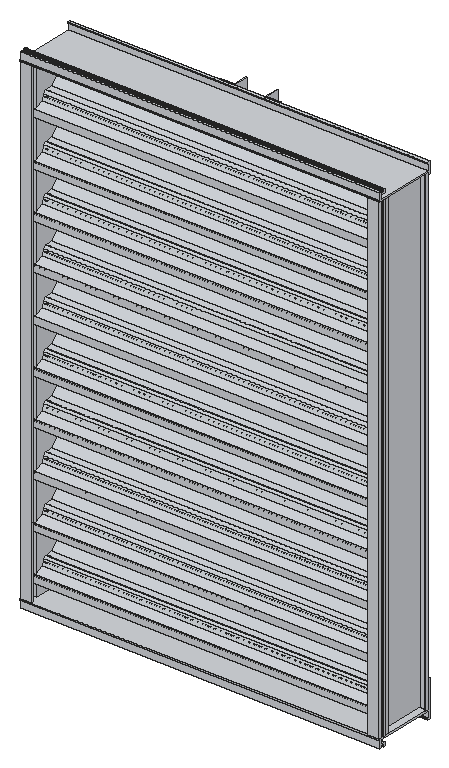
Revit family "AFL-D-6", category Mechanical Equipment, Revit 2015
Parameters
  URL = "https://unitedenertech.com/catalog/pdf/A_26%20AFL-D-6.pdf"
  Type Comments = "Max. Single Section Size is (60\"w  x  96\"h)"
  Number of Blades [instance] = rounddown((Exact Height - 0' 1 13/16") / 0' 4 41/64")  # 10
  Model = "AFL-D-6"
  Manufacturer = "United Enertech Corporation"
  Exact Width = 3' - 0"
  Exact Height = 4' - 2"
  Description = "High Performance Adjustable 6\" Louver"
  Depth = 0' - 6.26867"
  Bracket Number [instance] = Number of Blades - 1  # 9
  Blade Width [instance] = Exact Width - 0' 1 13/16" - 0' 0 3/16"  # 2' - 10"
  Blade Spacing = 0' - 4.64"
Reference planes (in)
  plane 1 "Center (Front/Back)": y = 0
  plane 2: z = 0
  plane 3 "Center (Left/Right)": x = 0
  plane 4: x = -18
  plane 5: x = 18
  plane 6: z = 50
  plane 7: z = 0.907
  plane 8: z = 49.093
  plane 9: y = 6.26867
  plane 10: x = -17.094
  plane 11: x = 17.094
  plane 12: x = -3
  plane 13: x = 3
  plane 14: z = 44.02088
  plane 15: z = 2.90726
  plane 16: z = 45.02088
Forms (in)
  Extrusion 1, solid
    sketch origin (32.73411, 22.44798, 0) x (1, 0, 0) y (0, 1, 0)
      loop
        line (-50.60911, -16.59898) -> (-50.60911, -16.49198) -> (-49.95311, -16.49198) -> (-49.95311, -21.36398) -> (-50.66611, -21.36398) -> (-50.66611, -21.82298) -> (-50.73411, -21.82298) -> (-50.73411, -21.94798) -> (-50.66611, -21.94798) -> (-50.66611, -22.00898) -> (-50.58511, -22.00898) -> (-50.58511, -21.94798) -> (-50.49711, -21.94798) -> (-50.49711, -22.32298) -> (-50.58511, -22.32298) -> (-50.58511, -22.23198) -> (-50.66611, -22.23198) -> (-50.66611, -22.44798) -> (-49.56511, -22.44798) -> (-49.56511, -22.32298) -> (-49.82811, -22.32298) -> (-49.82811, -22.21598) -> (-49.95311, -22.21598) -> (-49.95311, -22.32298) -> (-50.37211, -22.32298) -> (-50.37211, -21.82298) -> (-50.54111, -21.82298) -> (-50.54111, -21.48898) -> (-49.82811, -21.48898) -> (-49.82811, -16.49198) -> (-49.56511, -16.49198) -> (-49.56511, -16.36698) -> (-50.73411, -16.36698) -> (-50.73411, -16.59898) -> (-50.60911, -16.59898)
    from 0.907 to 49.093
  Extrusion 2, solid
    sketch origin (-32.73411, 22.44798, 0) x (-1, 0, 0) y (0, -1, 0)
      loop
        line (-50.60911, 16.59898) -> (-50.73411, 16.59898) -> (-50.73411, 16.36698) -> (-49.56511, 16.36698) -> (-49.56511, 16.49198) -> (-49.82811, 16.49198) -> (-49.82811, 21.48898) -> (-50.54111, 21.48898) -> (-50.54111, 21.82298) -> (-50.37211, 21.82298) -> (-50.37211, 22.32298) -> (-49.95311, 22.32298) -> (-49.95311, 22.21598) -> (-49.82811, 22.21598) -> (-49.82811, 22.32298) -> (-49.56511, 22.32298) -> (-49.56511, 22.44798) -> (-50.66611, 22.44798) -> (-50.66611, 22.23198) -> (-50.58511, 22.23198) -> (-50.58511, 22.32298) -> (-50.49711, 22.32298) -> (-50.49711, 21.94798) -> (-50.58511, 21.94798) -> (-50.58511, 22.00898) -> (-50.66611, 22.00898) -> (-50.66611, 21.94798) -> (-50.73411, 21.94798) -> (-50.73411, 21.82298) -> (-50.66611, 21.82298) -> (-50.66611, 21.36398) -> (-49.95311, 21.36398) -> (-49.95311, 16.49198) -> (-50.60911, 16.49198) -> (-50.60911, 16.59898)
    from 0.907 to 49.093
  Extrusion 3, solid
    sketch origin (-10.45021, 50.73378, 8.99276) x (0, 1, 0) y (0, 0, 1)
      loop
        line (-44.46511, -5.28576) -> (-44.59011, -5.28576) -> (-44.59011, -8.08576) -> (-50.73378, -8.08576) -> (-50.73378, -8.21076) -> (-50.67111, -8.21076) -> (-50.67111, -8.92376) -> (-50.45511, -8.92376) -> (-50.45511, -8.84276) -> (-50.56811, -8.84276) -> (-50.56811, -8.75476) -> (-50.17111, -8.75476) -> (-50.17111, -8.84276) -> (-50.23211, -8.84276) -> (-50.23211, -8.92376) -> (-50.17111, -8.92376) -> (-50.17111, -8.99276) -> (-50.09011, -8.99276) -> (-50.09011, -8.62976) -> (-50.56811, -8.62976) -> (-50.56811, -8.21076) -> (-44.59011, -8.21076) -> (-44.59011, -8.86776) -> (-44.69711, -8.86776) -> (-44.69711, -8.99276) -> (-44.46511, -8.99276) -> (-44.46511, -5.28576)
    from -7.54979 to 28.45021
  Extrusion 4, solid
    sketch origin (-12.41983, 50.73378, 47.84535) x (0, 1, 0) y (0, 0, 1)
      loop
        line (-50.17111, 2.15465) -> (-50.17111, 2.08565) -> (-50.23211, 2.08565) -> (-50.23211, 2.00465) -> (-50.17111, 2.00465) -> (-50.17111, 1.91665) -> (-50.56811, 1.91665) -> (-50.56811, 2.00465) -> (-50.45511, 2.00465) -> (-50.45511, 2.08565) -> (-50.67111, 2.08565) -> (-50.67111, 1.37265) -> (-50.73378, 1.37265) -> (-50.73378, 1.24765) -> (-44.59011, 1.24765) -> (-44.59011, 0.99765) -> (-44.46511, 0.99765) -> (-44.46511, 2.15465) -> (-44.69711, 2.15465) -> (-44.69711, 2.02965) -> (-44.59011, 2.02965) -> (-44.59011, 1.37265) -> (-50.56811, 1.37265) -> (-50.56811, 1.79165) -> (-50.09011, 1.79165) -> (-50.09011, 2.15465) -> (-50.17111, 2.15465)
    from -5.58017 to 30.41983
  Extrusion 5, solid
    sketch origin (0, 0, 0) x (1, 0, 0) y (0, 1, 0)
      loop
        line (-3, 6.26867) -> (-1.5, 6.26867) -> (-1.5, 7.76867) -> (-1.625, 7.76867) -> (-1.625, 6.39367) -> (-3, 6.39367) -> (-3, 6.26867)
    from 0 to 50
  Extrusion 6, solid
    sketch origin (0, 0, 0) x (-1, 0, 0) y (0, -1, 0)
      loop
        line (-3, -6.26867) -> (-3, -6.39367) -> (-1.625, -6.39367) -> (-1.625, -7.76867) -> (-1.5, -7.76867) -> (-1.5, -6.26867) -> (-3, -6.26867)
    from 0 to 50
  Extrusion 7, solid
    sketch origin (0, 0, 0) x (1, 0, 0) y (0, 1, 0)
      loop
        circle (0, 6.53213) r 0.17186
    from 2.90726 to 45.02088
Dimensions and locks (in)
  equal spacing: plane 4, plane 3 "Center (Left/Right)", plane 5
  "Exact Width": plane 4 to plane 5
  "Exact Height": plane 6 to level
  locked: plane 7 to level at 0.907
  locked: plane 6 to plane 8 at 0.907
  "Depth": plane 1 "Center (Front/Back)" to plane 9
  locked: plane 4 to plane 10 at 0.906
  locked: plane 11 to plane 5 at 0.906
  equal spacing: group 1, group 2, group 3, group 4, group 5, group 6, group 7, group 8, group 16, group 18  (x2)
  equal spacing: group 18, group 16, group 8, group 7, group 6, group 5, group 4, group 3, group 2, group 1
  "Blade Spacing": nested 2 to nested 1
  equal spacing: plane 12, plane 3 "Center (Left/Right)", plane 13
  locked: plane 12 to plane 13 at 6
  locked: plane 6 to plane 14 at 5.97912
  equal spacing: group 9, group 10, group 11, group 12, group 13, group 14, group 15, group 17, group 19  (x2)
  equal spacing: group 19, group 17, group 15, group 14, group 13, group 12, group 11, group 10, group 9
  "Blade Spacing": nested 9 to nested 10
  locked: plane 15 to level at 2.90726
  locked: plane 6 to plane 16 at 4.97912
  aligned and locked: level to plane 2
  aligned and locked: Extrusion 1 to plane 4
  aligned and locked: plane 5 to Extrusion 2
  aligned and locked: Extrusion 3 to level
  aligned and locked: level to Extrusion 3
  aligned and locked: Extrusion 1 to Extrusion 3
  aligned and locked: Extrusion 2 to Extrusion 1
  aligned and locked: Extrusion 3 to plane 4
  aligned and locked: plane 5 to Extrusion 3
  aligned and locked: plane 6 to Extrusion 4  (x2)
  aligned and locked: plane 8 to Extrusion 1
  aligned and locked: plane 8 to Extrusion 2
  aligned and locked: Extrusion 4 to plane 4
  aligned and locked: plane 5 to Extrusion 4
  aligned and locked: Extrusion 1 to Extrusion 4
  aligned and locked: Extrusion 2 to Extrusion 4
  aligned and locked: Extrusion 4 to Extrusion 1
  aligned and locked: plane 3 "Center (Left/Right)" to nested 1
  aligned and locked: plane 8 to nested 1
  aligned and locked: nested 1 to Extrusion 1
  aligned and locked: nested 2 to nested 1
  aligned and locked: Extrusion 5 to level
  aligned and locked: plane 6 to Extrusion 5
  aligned and locked: plane 6 to Extrusion 6
  aligned and locked: Extrusion 6 to level
  aligned and locked: nested 9 to plane 14
  aligned and locked: Extrusion 7 to plane 15
  aligned and locked: plane 16 to Extrusion 7
Automatic sketch dimensions
  Extrusion 1 sketch curve to plane 4 = 0' - 0"  (x2)
  plane 1 "Center (Front/Back)" to Extrusion 1 sketch curve = 0' - 0"
  Extrusion 1 sketch curve to plane 10 = 0' - 0"  (x2)
  plane 4 to Extrusion 1 sketch curve = 0' - 0.068"  (x2)
  Extrusion 1 sketch curve to Extrusion 1 sketch curve = 0' - 0.068"
  plane 4 to Extrusion 1 sketch curve = 0' - 0 1/8"
  Extrusion 1 sketch curve to Extrusion 1 sketch curve = 0' - 0.081"  (x2)
  Extrusion 1 sketch curve to Extrusion 1 sketch curve = 0' - 0 1/8"  (x6)
  Extrusion 1 sketch curve to Extrusion 1 sketch curve = 0' - 0.088"
  Extrusion 1 sketch curve to plane 10 = 0' - 0 1/8"  (x2)
  plane 10 to Extrusion 1 sketch curve = 0' - 0.263"
  Extrusion 1 sketch curve to Extrusion 1 sketch curve = 0' - 0.263"
  Extrusion 1 sketch curve to plane 1 "Center (Front/Back)" = 0' - 0 1/8"  (x3)
  Extrusion 1 sketch curve to Extrusion 1 sketch curve = 0' - 0.091"
  Extrusion 1 sketch curve to Extrusion 1 sketch curve = 0' - 0.107"
  Extrusion 1 sketch curve to Extrusion 1 sketch curve = 0' - 0.223"
  Extrusion 1 sketch curve to Extrusion 1 sketch curve = 0' - 0.061"  (x2)
  Extrusion 1 sketch curve to Extrusion 1 sketch curve = 0' - 0.334"
  Extrusion 1 sketch curve to plane 9 = 0' - 0.41967"
  Extrusion 1 sketch curve to plane 9 = 0' - 0.31267"
  Extrusion 1 sketch curve to Extrusion 1 sketch curve = 0' - 0"
  Extrusion 2 sketch curve to plane 5 = 0' - 0"  (x2)
  plane 1 "Center (Front/Back)" to Extrusion 2 sketch curve = 0' - 0"
  Extrusion 2 sketch curve to plane 11 = 0' - 0"  (x2)
  plane 5 to Extrusion 2 sketch curve = 0' - 0.068"  (x3)
  plane 5 to Extrusion 2 sketch curve = 0' - 0 1/8"
  Extrusion 2 sketch curve to Extrusion 2 sketch curve = 0' - 0.081"  (x2)
  Extrusion 2 sketch curve to Extrusion 2 sketch curve = 0' - 0 1/8"  (x7)
  Extrusion 2 sketch curve to Extrusion 2 sketch curve = 0' - 0.088"
  plane 11 to Extrusion 2 sketch curve = 0' - 0 1/8"
  Extrusion 2 sketch curve to plane 11 = 0' - 0.263"  (x2)
  plane 1 "Center (Front/Back)" to Extrusion 2 sketch curve = 0' - 0 1/8"  (x3)
  Extrusion 2 sketch curve to Extrusion 2 sketch curve = 0' - 0.091"
  Extrusion 2 sketch curve to Extrusion 2 sketch curve = 0' - 0.107"
  Extrusion 2 sketch curve to Extrusion 2 sketch curve = 0' - 0.223"
  Extrusion 2 sketch curve to Extrusion 2 sketch curve = 0' - 0.061"  (x2)
  Extrusion 2 sketch curve to Extrusion 2 sketch curve = 0' - 0.334"
  plane 9 to Extrusion 2 sketch curve = 0' - 0.41967"
  plane 9 to Extrusion 2 sketch curve = 0' - 0.31267"
  Extrusion 2 sketch curve to Extrusion 2 sketch curve = 0' - 0"
  Extrusion 3 sketch curve to plane 1 "Center (Front/Back)" = 0' - 0"
  Extrusion 3 sketch curve to level = 0' - 0"  (x2)
  plane 7 to Extrusion 3 sketch curve = 0' - 0"
  Extrusion 3 sketch curve to plane 9 = 0' - 0"
  Extrusion 3 sketch curve to plane 1 "Center (Front/Back)" = 0' - 0.06267"
  Extrusion 3 sketch curve to plane 1 "Center (Front/Back)" = 0' - 0.16567"
  Extrusion 3 sketch curve to Extrusion 3 sketch curve = 0' - 0.103"
  Extrusion 3 sketch curve to Extrusion 3 sketch curve = 0' - 0.113"
  level to Extrusion 3 sketch curve = 0' - 0.069"  (x2)
  Extrusion 3 sketch curve to Extrusion 3 sketch curve = 0' - 0.223"
  Extrusion 3 sketch curve to Extrusion 3 sketch curve = 0' - 0.061"  (x2)
  Extrusion 3 sketch curve to Extrusion 3 sketch curve = 0' - 0.081"  (x3)
  Extrusion 3 sketch curve to plane 9 = 0' - 0.232"
  Extrusion 3 sketch curve to plane 9 = 0' - 0 1/8"  (x2)
  Extrusion 3 sketch curve to Extrusion 3 sketch curve = 0' - 0 1/8"  (x2)
  Extrusion 3 sketch curve to Extrusion 3 sketch curve = 0' - 0.088"
  Extrusion 3 sketch curve to plane 7 = 0' - 0 1/8"
  Extrusion 3 sketch curve to Extrusion 3 sketch curve = 0' - 0"
  Extrusion 3 sketch curve to Extrusion 3 sketch curve = 0' - 2.8"
  Extrusion 4 sketch curve to plane 1 "Center (Front/Back)" = 0' - 0"
  Extrusion 4 sketch curve to plane 6 = 0' - 0"  (x2)
  plane 8 to Extrusion 4 sketch curve = 0' - 0"
  Extrusion 4 sketch curve to plane 9 = 0' - 0"
  Extrusion 4 sketch curve to Extrusion 4 sketch curve = 0' - 0.06267"
  Extrusion 4 sketch curve to Extrusion 4 sketch curve = 0' - 0.103"  (x2)
  Extrusion 4 sketch curve to Extrusion 4 sketch curve = 0' - 0.113"
  Extrusion 4 sketch curve to Extrusion 4 sketch curve = 0' - 0.223"
  Extrusion 4 sketch curve to Extrusion 4 sketch curve = 0' - 0.061"  (x2)
  Extrusion 4 sketch curve to Extrusion 4 sketch curve = 0' - 0.081"
  Extrusion 4 sketch curve to plane 9 = 0' - 0.232"
  Extrusion 4 sketch curve to plane 9 = 0' - 0 1/8"
  Extrusion 4 sketch curve to Extrusion 4 sketch curve = 0' - 0.107"
  Extrusion 4 sketch curve to plane 8 = 0' - 0 1/4"
  Extrusion 4 sketch curve to Extrusion 4 sketch curve = 0' - 0 1/8"  (x3)
  Extrusion 4 sketch curve to Extrusion 4 sketch curve = 0' - 0"
  Extrusion 4 sketch curve to Extrusion 4 sketch curve = 0' - 0.363"
  Extrusion 4 sketch curve to Extrusion 4 sketch curve = 0' - 0.088"  (x2)
  Extrusion 4 sketch curve to plane 6 = 0' - 0.069"  (x2)
  Extrusion 5 sketch curve to plane 9 = 0' - 0"
  Extrusion 5 sketch curve to plane 12 = 0' - 0"
  plane 12 to Extrusion 5 sketch curve = 0' - 1 3/8"
  Extrusion 5 sketch curve to Extrusion 5 sketch curve = 0' - 0 1/8"
  plane 9 to Extrusion 5 sketch curve = 0' - 0 1/8"
  Extrusion 5 sketch curve to Extrusion 5 sketch curve = 0' - 1 3/8"
  Extrusion 6 sketch curve to plane 9 = 0' - 0"
  Extrusion 6 sketch curve to plane 13 = 0' - 0"
  Extrusion 6 sketch curve to plane 13 = 0' - 1 3/8"
  Extrusion 6 sketch curve to Extrusion 6 sketch curve = 0' - 0 1/8"  (x2)
  Extrusion 6 sketch curve to Extrusion 6 sketch curve = 0' - 1 3/8"
  Extrusion 7 sketch curve to plane 3 "Center (Left/Right)" = 0' - 0"
  plane 9 to Extrusion 7 sketch curve = 0' - 0.26346"
  radius of Extrusion 7 sketch curve = 0' - 0 11/64"
Nested families (in)
  nested 1: "AFLBLADE" at (0, 6.72016, 44.16616), type "AFLBLADE"
    with BW 2' - 10"
  nested 2: "AFLBLADE" at (0, 6.72016, 39.52616), type "AFLBLADE"
    with BW 2' - 10"
  nested 3: "AFLBLADE" at (0, 6.72016, 34.88616), type "AFLBLADE"
    with BW 2' - 10"
  nested 4: "AFLBLADE" at (0, 6.72016, 30.24616), type "AFLBLADE"
    with BW 2' - 10"
  nested 5: "AFLBLADE" at (0, 6.72016, 25.60616), type "AFLBLADE"
    with BW 2' - 10"
  nested 6: "AFLBLADE" at (0, 6.72016, 20.96616), type "AFLBLADE"
    with BW 2' - 10"
  nested 7: "AFLBLADE" at (0, 6.72016, 16.32616), type "AFLBLADE"
    with BW 2' - 10"
  nested 8: "AFLBLADE" at (0, 6.72016, 11.68616), type "AFLBLADE"
    with BW 2' - 10"
  nested 9: "AFLBRACK" at (2.67149, 4.53155, 43.04448) x (1, 0, 0) z (0, 0.7193, -0.6947), type "AFLBRACK"
  nested 10: "AFLBRACK" at (2.67149, 4.53155, 38.40448) x (1, 0, 0) z (0, 0.7193, -0.6947), type "AFLBRACK"
  nested 11: "AFLBRACK" at (2.67149, 4.53155, 33.76448) x (1, 0, 0) z (0, 0.7193, -0.6947), type "AFLBRACK"
  nested 12: "AFLBRACK" at (2.67149, 4.53155, 29.12448) x (1, 0, 0) z (0, 0.7193, -0.6947), type "AFLBRACK"
  nested 13: "AFLBRACK" at (2.67149, 4.53155, 24.48448) x (1, 0, 0) z (0, 0.7193, -0.6947), type "AFLBRACK"
  nested 14: "AFLBRACK" at (2.67149, 4.53155, 19.84448) x (1, 0, 0) z (0, 0.7193, -0.6947), type "AFLBRACK"
  nested 15: "AFLBRACK" at (2.67149, 4.53155, 15.20448) x (1, 0, 0) z (0, 0.7193, -0.6947), type "AFLBRACK"
  nested 16: "AFLBLADE" at (0, 6.72016, 7.04616), type "AFLBLADE"
    with BW 2' - 10"
  nested 17: "AFLBRACK" at (2.67149, 4.53155, 10.56448) x (1, 0, 0) z (0, 0.7193, -0.6947), type "AFLBRACK"
  nested 18: "AFLBLADE" at (0, 6.72016, 2.40616), type "AFLBLADE"
    with BW 2' - 10"
  nested 19: "AFLBRACK" at (2.67149, 4.53155, 5.92448) x (1, 0, 0) z (0, 0.7193, -0.6947), type "AFLBRACK"
Definition of nested family "AFLBLADE"
  Parameters (values of type "AFLBLADE")
    BW = 3' - 0"
  Reference planes (in)
    plane 1 "Center (Front/Back)": y = 0
    plane 2: z = 0
    plane 3 "Center (Left/Right)": x = 0
    plane 4: x = -18
    plane 5: x = 18
  Forms (in)
    Extrusion 1, solid
      sketch origin (0, -0.25, 0) x (0, 1, 0) y (0, 0, 1)
        loop
          line (-6.10218, 0.69139) -> (-6.04491, 0.74866) -> (-6.34516, 1.04892) -> (-6.34516, 0.31015) -> (-4.8511, 1.00843) -> (-4.69628, 1.36704)
          arc (-4.69628, 1.36704) -> (-4.46378, 1.14404) -> (-4.15319, 1.22958) r 0.32608
          line (-4.15319, 1.22958) -> (-4.20699, 1.28338)
          arc (-4.20699, 1.28338) -> (-4.62749, 1.51583) -> (-4.14777, 1.54265) r 0.25
          line (-4.14777, 1.54265) -> (-4.07595, 1.56775)
          arc (-4.07595, 1.56775) -> (-4.12982, 1.66471) -> (-4.21307, 1.73799) r 0.32608
          line (-4.21307, 1.73799) -> (-3.68939, 1.81513) -> (-0.57768, 4.92684) -> (-0.96531, 4.92684) -> (-0.96531, 4.84584) -> (-0.77323, 4.84584) -> (-3.72771, 1.89136) -> (-4.432, 1.78762)
          arc (-4.432, 1.78762) -> (-4.58533, 1.72271) -> (-4.68766, 1.59136) r 0.331
          line (-4.68766, 1.59136) -> (-4.91327, 1.06879) -> (-6.26416, 0.43742) -> (-6.26416, 0.85337) -> (-6.10218, 0.69139)
      from -18 to 18
  Dimensions and locks (in)
    equal spacing: plane 4, plane 3 "Center (Left/Right)", plane 5
    "BW": plane 4 to plane 5
    aligned and locked: level to plane 2
    aligned and locked: Extrusion 1 to plane 4
    aligned and locked: plane 5 to Extrusion 1
  Automatic sketch dimensions
    Extrusion 1 sketch curve to Extrusion 1 sketch curve = 0' - 0"  (x12)
    level to Extrusion 1 sketch curve = 0' - 0.31015"
    plane 1 "Center (Front/Back)" to Extrusion 1 sketch curve = 0' - 6.59516"
    level to Extrusion 1 sketch curve = 0' - 0.85337"
    Extrusion 1 sketch curve to Extrusion 1 sketch curve = 0' - 0.081"  (x2)
    level to Extrusion 1 sketch curve = 0' - 0 177/256"
    Extrusion 1 sketch curve to Extrusion 1 sketch curve = 0' - 0.16198"
    level to Extrusion 1 sketch curve = 0' - 0.74866"
    level to Extrusion 1 sketch curve = 0' - 1.06879"
    Extrusion 1 sketch curve to Extrusion 1 sketch curve = 0' - 1.13163"
    level to Extrusion 1 sketch curve = 0' - 1.00843"
    Extrusion 1 sketch curve to Extrusion 1 sketch curve = 0' - 0.06217"
    level to Extrusion 1 sketch curve = 0' - 1.36704"
    Extrusion 1 sketch curve to Extrusion 1 sketch curve = 0' - 0.217"
    level to Extrusion 1 sketch curve = 0' - 1.59136"
    Extrusion 1 sketch curve to Extrusion 1 sketch curve = 0' - 0.00862"
    level to Extrusion 1 sketch curve = 0' - 1.78762"
    Extrusion 1 sketch curve to Extrusion 1 sketch curve = 0' - 0.25566"
    Extrusion 1 sketch curve to Extrusion 1 sketch curve = 0' - 0 5/16"
    level to Extrusion 1 sketch curve = 0' - 1.73799"
    Extrusion 1 sketch curve to Extrusion 1 sketch curve = 0' - 0.21893"
    level to Extrusion 1 sketch curve = 0' - 1.28338"
    Extrusion 1 sketch curve to Extrusion 1 sketch curve = 0' - 0.17678"
    level to Extrusion 1 sketch curve = 0' - 1.22958"
    level to Extrusion 1 sketch curve = 0' - 1.54265"
    level to Extrusion 1 sketch curve = 0' - 1.56775"
    level to Extrusion 1 sketch curve = 0' - 1.89136"
    Extrusion 1 sketch curve to Extrusion 1 sketch curve = 0' - 0.34824"
    level to Extrusion 1 sketch curve = 0' - 1.81513"
    Extrusion 1 sketch curve to Extrusion 1 sketch curve = 0' - 0.03832"
    plane 1 "Center (Front/Back)" to Extrusion 1 sketch curve = 0' - 1.21531"
    Extrusion 1 sketch curve to Extrusion 1 sketch curve = 0' - 0.19208"
    Extrusion 1 sketch curve to Extrusion 1 sketch curve = 0' - 0.19555"
    Extrusion 1 sketch curve to Extrusion 1 sketch curve = 0' - 0.12727"
    Extrusion 1 sketch curve to Extrusion 1 sketch curve = 0' - 2.95448"
Definition of nested family "AFLBRACK"
  Reference planes (in)
    plane 1 "Center (Front/Back)": y = 0
    plane 2: z = 0
    plane 3 "Center (Left/Right)": x = 0
  Forms (in)
    Extrusion 1, solid
      sketch origin (-2.68978, 0, 0) x (1, 0, 0) y (0, 1, 0)
        loop
          line (-0.87301, 0.90078) -> (-0.86465, 0.86958) -> (-0.8419, 0.84683) -> (-0.8093, 0.83809) -> (-0.779, 0.84621) -> (-0.75683, 0.86838) -> (-0.74808, 0.90104) -> (-0.77994, 0.95397) -> (-0.81168, 0.96248) -> (-0.8425, 0.95422) -> (-0.86483, 0.93188) -> (-0.87301, 0.90078)
        loop
          line (-0.93538, 0.9154) -> (-0.93206, 0.86544) -> (-0.64736, 0.48722) -> (-0.58911, 0.45359) -> (-0.52742, 0.45359) -> (-0.46383, 0.48167) -> (-0.23166, 0.68275) -> (0.26824, 0.68275) -> (0.50644, 0.47916) -> (0.55228, 0.45269) -> (0.60696, 0.44805) -> (0.65295, 0.46335) -> (0.70069, 0.51109) -> (0.94703, 0.8246) -> (0.96905, 0.87284) -> (0.96905, 0.92278) -> (0.94661, 0.97737) -> (0.90851, 1.01547) -> (0.38693, 1.41977) -> (0.34918, 1.44157) -> (0.30813, 1.44599) -> (-0.27279, 1.44599) -> (-0.31429, 1.44029) -> (-0.34963, 1.41988) -> (-0.8889, 0.99856) -> (-0.91859, 0.96157) -> (-0.93538, 0.9154)
        loop
          line (0.84768, 0.83809) -> (0.87798, 0.84621) -> (0.90014, 0.86838) -> (0.90014, 0.93086) -> (0.87703, 0.95397) -> (0.84529, 0.96248) -> (0.81448, 0.95422) -> (0.79214, 0.93188) -> (0.78396, 0.90078) -> (0.79232, 0.86958) -> (0.81508, 0.84683) -> (0.84768, 0.83809)
      from 0 to 0.05
    Extrusion 2, solid
      sketch origin (-2.46819, 0, 2.56842) x (0, 0, -1) y (0, 1, 0)
        loop
          line (2.51842, 0.68327) -> (2.51842, 1.44594) -> (2.51176, 1.51478) -> (2.48916, 1.57964) -> (2.45293, 1.63829) -> (2.40233, 1.68888) -> (2.34486, 1.72864) -> (2.27938, 1.75164) -> (2.20777, 1.75915) -> (2.13925, 1.75208) -> (2.0744, 1.72832) -> (2.01055, 1.69145) -> (1.9628, 1.63668) -> (1.93051, 1.59239) -> (1.90399, 1.52215) -> (1.8947, 1.44597) -> (1.9075, 1.36441) -> (1.93504, 1.29244) -> (1.97741, 1.23669) -> (2.51842, 0.68327)
        loop
          line (2.41231, 1.4628) -> (2.40418, 1.50788) -> (2.3851, 1.55473) -> (2.35036, 1.5984) -> (2.30889, 1.63032) -> (2.27559, 1.64577) -> (2.24019, 1.65526) -> (2.19928, 1.65862) -> (2.14577, 1.65218) -> (2.1015, 1.63538) -> (2.05219, 1.60094) -> (2.01547, 1.55605) -> (1.99249, 1.50441) -> (1.9852, 1.44645) -> (1.99277, 1.39034) -> (2.01379, 1.3377) -> (2.04799, 1.29226) -> (2.09253, 1.25839) -> (2.14269, 1.23795) -> (2.19928, 1.23067) -> (2.25419, 1.23779) -> (2.31337, 1.26524) -> (2.36192, 1.30922) -> (2.3931, 1.35849) -> (2.40864, 1.40578) -> (2.41231, 1.4628)
      from 0 to 0.05
    Extrusion 3, solid
      sketch origin (-2.87479, 0, 2.56842) x (0, 0, -1) y (0, -1, 0)
        loop
          line (2.51842, -0.68327) -> (1.97741, -1.23669) -> (1.93504, -1.29244) -> (1.9075, -1.36441) -> (1.8947, -1.44597) -> (1.90399, -1.52215) -> (1.93051, -1.59239) -> (1.9628, -1.63668) -> (2.01055, -1.69145) -> (2.0744, -1.72832) -> (2.13925, -1.75208) -> (2.20777, -1.75915) -> (2.27938, -1.75164) -> (2.34486, -1.72864) -> (2.40233, -1.68888) -> (2.45293, -1.63829) -> (2.48916, -1.57964) -> (2.51176, -1.51478) -> (2.51842, -1.44594) -> (2.51842, -0.68327)
        loop
          line (2.41231, -1.4628) -> (2.40864, -1.40578) -> (2.3931, -1.35849) -> (2.36192, -1.30922) -> (2.31337, -1.26524) -> (2.25419, -1.23779) -> (2.19928, -1.23067) -> (2.14269, -1.23795) -> (2.09253, -1.25839) -> (2.04799, -1.29226) -> (2.01379, -1.3377) -> (1.99277, -1.39034) -> (1.9852, -1.44645) -> (1.99249, -1.50441) -> (2.01547, -1.55605) -> (2.05219, -1.60094) -> (2.1015, -1.63538) -> (2.14577, -1.65218) -> (2.19928, -1.65862) -> (2.24019, -1.65526) -> (2.27559, -1.64577) -> (2.30889, -1.63032) -> (2.35036, -1.5984) -> (2.3851, -1.55473) -> (2.40418, -1.50788) -> (2.41231, -1.4628)
      from 0 to 0.05
    Extrusion 4, solid
      sketch origin (0, 0, 0) x (0, 1, 0) y (0, 0, 1)
        loop
          circle (1.44593, 0.36759) r 0.25
      from -2.89968 to -2.44346
    Extrusion 5, solid
      sketch origin (0, 0.21736, 1.14039) x (1, 0, 0) y (0, 0.71934, -0.694658)
        loop
          circle (-2.67211, 1.44599) r 0.13823
      from 0.36066 to 1.36337
    Extrusion 6, solid
      sketch origin (0, 0.21736, 1.14039) x (1, 0, 0) y (0, 0.694658, 0.71934)
        loop
          circle (-2.67801, 1.03548) r 0.25
      from -1.61222 to -1.27315
  Dimensions and locks (in)
    aligned and locked: level to plane 2
